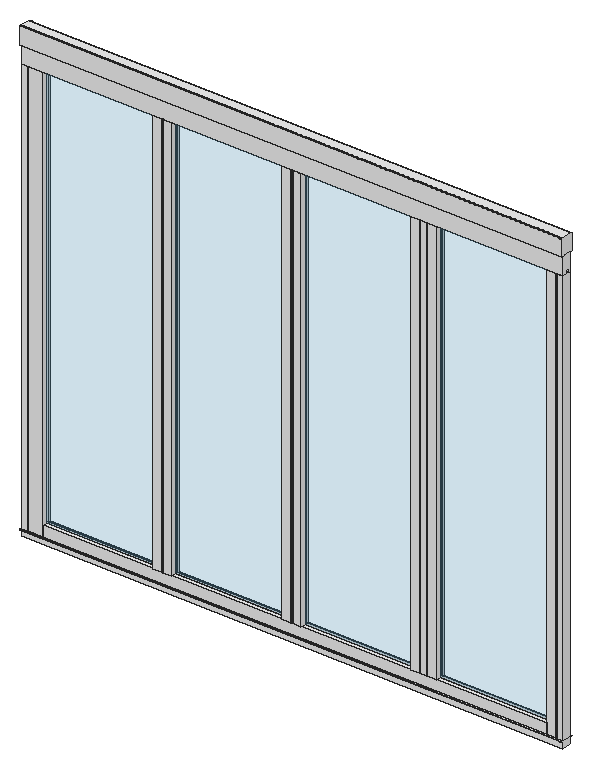
Revit family "98126", category Windows, host Wall, Revit 2018 (continued)
Definition of nested family "Sill_HSW60"
  Definition of nested family "Profile_Sill_HSW60"
    Lines and regions (in)
      model lines, in view "Ref. Level"
        curve 1024: line (0.3387, 2.60433, 0) -> (0.12438, 2.68375, 0)
        curve 1025: line (0.41656, 2.22398, 0) -> (0.58291, 2.05764, 0)
        curve 1026: line (0.56914, 2.02441, 0) -> (0.54968, 2.02441, 0)
        curve 1027: line (0.64236, 2.73685, 0) -> (1.05114, 2.73685, 0)
        curve 1028: line (0.41656, 2.41761, 0) -> (0.41656, 2.33586, 0)
        curve 1029: line (0.41656, 2.33586, 0) -> (0.5645, 2.33586, 0)
        curve 1030: line (0.42824, 2.42929, 0) -> (0.45549, 2.42929, 0)
        curve 1031: line (0.45549, 2.42929, 0) -> (0.45549, 2.39036, 0)
        curve 1032: line (0.45549, 2.39036, 0) -> (0.54503, 2.39036, 0)
        curve 1033: line (0.54503, 2.39036, 0) -> (0.54503, 2.74463, 0)
        curve 1034: line (0.54503, 2.74463, 0) -> (0.45549, 2.74463, 0)
        curve 1035: line (0.45549, 2.74463, 0) -> (0.45549, 2.7057, 0)
        curve 1036: line (0.45549, 2.7057, 0) -> (0.45549, 2.68624, 0)
        curve 1037: line (0.45549, 2.68624, 0) -> (0.39451, 2.49923, 0)
        curve 1038: line (0.60343, 2.37479, 0) -> (0.60343, 2.69792, 0)
        curve 1039: line (1.03556, 1.82197, 0) -> (1.03556, 1.93098, 0)
        curve 1040: line (1.03556, 1.93098, 0) -> (1.07866, 1.97408, 0)
        curve 1041: line (1.09007, 2.69792, 0) -> (1.09007, 2.10227, 0)
        curve 1042: line (1.09007, 2.10227, 0) -> (1.03556, 2.04777, 0)
        curve 1043: line (1.03556, 2.04777, 0) -> (1.03556, 2.00806, 0)
        curve 1044: line (1.03556, 2.00806, 0) -> (0.98106, 1.95355, 0)
        curve 1045: line (0.98106, 1.95355, 0) -> (0.98106, 1.84533, 0)
        curve 1046: line (0.92072, 1.74411, 0) -> (0.9577, 1.74411, 0)
        curve 1047: line (0.94213, 1.8064, 0) -> (0.92072, 1.8064, 0)
        curve 1048: line (1.09007, 2.00161, 0) -> (1.09007, 2.02441, 0)
        curve 1049: line (1.13678, 2.02441, 0) -> (1.15625, 2.02441, 0)
        curve 1050: line (0.10901, 2.877, 0) -> (0.10901, 2.21887, 0)
        curve 1051: line (0.10901, 2.21887, 0) -> (-0.82534, 2.21887, 0)
        curve 1052: line (-0.82534, 2.21887, 0) -> (-0.82534, 2.77316, 0)
        curve 1053: line (-0.5937, 0.0584, 0) -> (-0.52557, 0.0584, 0)
        curve 1054: line (-0.52557, 0.0584, 0) -> (-0.5061, 0.07786, 0)
        curve 1055: line (-0.5061, 0.07786, 0) -> (-0.42824, 0.07786, 0)
        curve 1056: line (-0.42824, 0.07786, 0) -> (-0.40878, 0.0584, 0)
        curve 1057: line (-0.40878, 0.0584, 0) -> (-0.36984, 0.0584, 0)
        curve 1058: line (-0.36984, 0.0584, 0) -> (-0.35038, 0.07786, 0)
        curve 1059: line (-0.35038, 0.07786, 0) -> (-0.27252, 0.07786, 0)
        curve 1060: line (-0.27252, 0.07786, 0) -> (-0.25305, 0.0584, 0)
        curve 1061: line (-0.25305, 0.0584, 0) -> (-0.21412, 0.0584, 0)
        curve 1062: line (-0.21412, 0.0584, 0) -> (-0.19465, 0.07786, 0)
        curve 1063: line (-0.19465, 0.07786, 0) -> (-0.11679, 0.07786, 0)
        curve 1064: line (-0.11679, 0.07786, 0) -> (-0.09733, 0.0584, 0)
        curve 1065: line (-0.09733, 0.0584, 0) -> (-0.0584, 0.0584, 0)
        curve 1066: line (-0.0584, 0.0584, 0) -> (-0.03893, 0.07786, 0)
        curve 1067: line (-0.03893, 0.07786, 0) -> (0.03893, 0.07786, 0)
        curve 1068: line (0.03893, 0.07786, 0) -> (0.0584, 0.0584, 0)
        curve 1069: line (0.0584, 0.0584, 0) -> (0.03893, 0.07786, 0)
        curve 1070: line (0.03893, 0.07786, 0) -> (-0.03893, 0.07786, 0)
        curve 1071: line (-0.03893, 0.07786, 0) -> (-0.0584, 0.0584, 0)
        curve 1072: line (-0.0584, 0.0584, 0) -> (-0.09733, 0.0584, 0)
        curve 1073: line (-0.09733, 0.0584, 0) -> (-0.11679, 0.07786, 0)
        curve 1074: line (-0.11679, 0.07786, 0) -> (-0.19465, 0.07786, 0)
        curve 1075: line (-0.19465, 0.07786, 0) -> (-0.21412, 0.0584, 0)
        curve 1076: line (-0.21412, 0.0584, 0) -> (-0.25305, 0.0584, 0)
        curve 1077: line (-0.25305, 0.0584, 0) -> (-0.27252, 0.07786, 0)
        curve 1078: line (-0.27252, 0.07786, 0) -> (-0.35038, 0.07786, 0)
        curve 1079: line (-0.35038, 0.07786, 0) -> (-0.36984, 0.0584, 0)
        curve 1080: line (-0.36984, 0.0584, 0) -> (-0.40878, 0.0584, 0)
        curve 1081: line (-0.40878, 0.0584, 0) -> (-0.42824, 0.07786, 0)
        curve 1082: line (-0.42824, 0.07786, 0) -> (-0.5061, 0.07786, 0)
        curve 1083: line (-0.5061, 0.07786, 0) -> (-0.52557, 0.0584, 0)
        curve 1084: line (-0.52557, 0.0584, 0) -> (-0.60343, 0.0584, 0)
        curve 1085: line (0.60343, -0.21412, 0) -> (0.58396, -0.21412, 0)
        curve 1086: line (0.6229, 0.03893, 0) -> (0.6229, -0.0584, 0)
        curve 1087: line (0.6229, -0.0584, 0) -> (0.56616, -0.18679, 0)
        curve 1088: line (-0.6229, 0.03893, 0) -> (-0.6229, -0.0584, 0)
        curve 1089: line (-0.6229, -0.0584, 0) -> (-0.56616, -0.18679, 0)
        curve 1090: line (-0.60343, -0.21412, 0) -> (-0.58396, -0.21412, 0)
        curve 1091: line (-0.6229, -0.23359, 0) -> (-0.6229, -0.36984, 0)
        curve 1092: line (-0.60343, -0.38931, 0) -> (-0.47523, -0.38931, 0)
        curve 1093: line (-0.39501, -0.31715, 0) -> (-0.46147, -0.38361, 0)
        curve 1094: line (0.38125, -0.31145, 0) -> (-0.38125, -0.31145, 0)
        curve 1095: line (0.46147, -0.38361, 0) -> (0.39501, -0.31715, 0)
        curve 1096: line (0.6229, -0.36984, 0) -> (0.6229, -0.23359, 0)
        curve 1097: line (0.47523, -0.38931, 0) -> (0.60343, -0.38931, 0)
Definition of nested family "Header_HSW60"
  Parameters
    system length 1 = 12' - 0"
    Height = 10' - 0"
    Header = none
    Bottom = yes
    Assembly Code = ""
  Reference planes (in)
    plane 1 "Center (Front/Back)": y = 0
    plane 2: z = 0
    plane 3 "Center (Left/Right)": x = -7.30207
    plane 4 "Left": x = -79.30207
    plane 5 "Right": x = 64.69793
    plane 6 "Top": z = 120
  Forms (in)
    Sweep 1, solid, material <- "Header"
      path origin (-67.09578, -180, 120) x (-1, 0, 0) y (0, -1, 0)
        loop
          line (12.20629, -180) -> (-131.79371, -180)
      profile origin (-7.30207, 0, 120) x (0, 1, 0) y (0, 0, 1)
        loop
          line (1.57762, -4.53565) -> (1.57762, -0.13465) -> (1.51057, -0.13465) -> (1.51057, -0.26622) -> (1.28181, -0.26622) -> (1.28181, 0) -> (-1.28181, 0) -> (-1.28181, -0.26622) -> (-1.51057, -0.26622) -> (-1.51057, -0.13465) -> (-1.57762, -0.13465) -> (-1.57762, -4.53565) -> (1.57762, -4.53565)
    Sweep 2, solid, material <- "Header", visible <- "Bottom"
      path origin (-67.09578, -180, 120) x (-1, 0, 0) y (0, -1, 0)
        loop
          line (12.20629, -180) -> (-131.79371, -180)
      profile origin (-7.30207, 0, 120) x (0, 1, 0) y (0, 0, 1)
        loop
          line (1.17138, -9.26512) -> (1.17138, -4.53565) -> (-1.17138, -4.53565) -> (-1.17138, -9.24934) -> (-0.83614, -9.24934) -> (-0.83614, -8.47611) -> (0.11043, -8.47611) -> (0.11043, -9.26512) -> (1.17138, -9.26512)
  Lines and regions (in)
    Masking region 1
      outline origin (-7.30207, 0, 0) x (0, 1, 0) y (0, 0, 1)
        loop
          line (-1.17138, 110.75066) -> (-0.83614, 110.75066) -> (-0.83614, 111.52389) -> (0.11043, 111.52389) -> (0.11043, 110.73488) -> (1.17138, 110.73488) -> (1.17138, 115.46435) -> (1.57762, 115.46435) -> (1.57762, 119.86535) -> (1.51057, 119.86535) -> (1.51057, 119.73378) -> (1.28181, 119.73378) -> (1.28181, 120) -> (-1.28181, 120) -> (-1.28181, 119.73378) -> (-1.51057, 119.73378) -> (-1.51057, 119.86535) -> (-1.57762, 119.86535) -> (-1.57762, 115.46435) -> (-1.17138, 115.46435) -> (-1.17138, 110.75066)
  Dimensions and locks (in)
    equal spacing: plane 4 "Left", plane 3 "Center (Left/Right)", plane 5 "Right"
    "system length 1": plane 4 "Left" to plane 5 "Right"
    "Height": plane 6 "Top" to level
    aligned: nested 1 to plane 6 "Top"
    aligned and locked: nested 1 to plane 1 "Center (Front/Back)"
    aligned and locked: nested 1 to plane 6 "Top"
    aligned and locked: profile plane to Sweep 1 sketch curve
    aligned and locked: nested 2 to plane 1 "Center (Front/Back)"
    aligned and locked: nested 2 to plane 6 "Top"
  Automatic sketch dimensions
    plane 1 "Center (Front/Back)" to Sweep 1 sketch curve = 0' - 0"
    Sweep 1 sketch curve to plane 5 "Right" = 0' - 0"
    Sweep 1 sketch curve to plane 4 "Left" = 0' - 0"
    Sweep 1 sketch curve to plane 6 "Top" = 0' - 0.13465"  (x2)
    profile plane to Sweep 1 sketch curve = 0' - 1.57762"
    Sweep 1 sketch curve to Sweep 1 sketch curve = 0' - 0.06705"
    Sweep 1 sketch curve to Sweep 1 sketch curve = 0' - 0.22875"  (x2)
    Sweep 1 sketch curve to profile plane = 0' - 1.28181"
    Sweep 1 sketch curve to Sweep 1 sketch curve = 0' - 3.15524"
    Sweep 1 sketch curve to Sweep 1 sketch curve = 0' - 0.13157"  (x2)
    Sweep 1 sketch curve to Sweep 1 sketch curve = 0' - 4.26943"
    Masking region 1 sketch curve to plane 6 "Top" = 0' - 0"
    Masking region 1 sketch curve to plane 6 "Top" = 0' - 0.13465"  (x2)
    plane 1 "Center (Front/Back)" to Masking region 1 sketch curve = 0' - 1.57762"
    Masking region 1 sketch curve to Masking region 1 sketch curve = 0' - 0.06705"  (x2)
    Masking region 1 sketch curve to Masking region 1 sketch curve = 0' - 0.22875"  (x2)
    Masking region 1 sketch curve to Masking region 1 sketch curve = 0' - 0 13/32"
    plane 1 "Center (Front/Back)" to Masking region 1 sketch curve = 0' - 0.83614"
    Masking region 1 sketch curve to plane 1 "Center (Front/Back)" = 0' - 0.11043"
    Masking region 1 sketch curve to Masking region 1 sketch curve = 0' - 1.06095"
    Masking region 1 sketch curve to plane 1 "Center (Front/Back)" = 0' - 1.28181"
    Masking region 1 sketch curve to plane 6 "Top" = 0' - 0.26622"
    Masking region 1 sketch curve to Masking region 1 sketch curve = 0' - 0.13157"
    Masking region 1 sketch curve to Masking region 1 sketch curve = 0' - 4.26943"
    Masking region 1 sketch curve to Masking region 1 sketch curve = 0' - 0"
    Masking region 1 sketch curve to Masking region 1 sketch curve = 0' - 3.94046"
    Masking region 1 sketch curve to Masking region 1 sketch curve = 0' - 0.77323"
    Masking region 1 sketch curve to Masking region 1 sketch curve = 0' - 0.78901"
    Sweep 2 sketch curve to Sweep 2 sketch curve = 0' - 0.33524"
    Sweep 2 sketch curve to profile plane = 0' - 0.11043"
    Sweep 2 sketch curve to Sweep 2 sketch curve = 0' - 1.06095"
    Sweep 2 sketch curve to Sweep 2 sketch curve = 0' - 0.77323"
    Sweep 2 sketch curve to Sweep 2 sketch curve = 0' - 0.78901"
    Sweep 2 sketch curve to Sweep 2 sketch curve = 0' - 3.94046"
    profile plane to Sweep 2 sketch curve = 0' - 0.83614"
    Sweep 2 sketch curve to profile plane = 0' - 9.26512"
    plane 1 "Center (Front/Back)" to Sweep 2 sketch curve = 0' - 0"
    Sweep 2 sketch curve to plane 5 "Right" = 0' - 0"
    Sweep 2 sketch curve to plane 4 "Left" = 0' - 0"
  Nested families (in)
    nested 1: "Headbottom_HSW60" at (-79.30207, 0, 120) x (0, 1, 0) z (1, 0, 0), visible <- "Bottom", type "Headbottom_HSW60"
    nested 2: "Headtop_HSW60" at (-79.30207, 0, 120) x (0, 1, 0) z (1, 0, 0), type "Headtop_HSW60"
  Definition of nested family "Headbottom_HSW60"
    Parameters
      Assembly Code = ""
      95 CSI = ""
      04 CSI = ""
    Reference planes (in)
      plane 1 "Center (Front/Back)": y = 0
      plane 2: z = 0
      plane 3 "Center (Left/Right)": x = 0
    Lines and regions (in)
      model lines, in view "Ref. Level"
        curve 1: line (-0.5465, -5.16048, 0) -> (-0.40988, -5.20275, 0)
        curve 2: line (-0.40988, -5.20275, 0) -> (-0.27325, -5.16048, 0)
        curve 3: line (-0.40988, -4.88723, 0) -> (-0.27325, -4.9295, 0)
        curve 4: line (-0.27325, -5.16048, 0) -> (0, -5.20275, 0)
        curve 5: line (0.40988, -4.88723, 0) -> (0.5465, -4.9295, 0)
        curve 6: line (-0.5465, -4.9295, 0) -> (-0.40988, -4.88723, 0)
        curve 7: line (0.40988, -5.20275, 0) -> (0.5465, -5.16048, 0)
        curve 8: line (0.27325, -5.16048, 0) -> (0.40988, -5.20275, 0)
        curve 9: line (0.27325, -4.9295, 0) -> (0.40988, -4.88723, 0)
        curve 10: line (-0.27325, -4.9295, 0) -> (0, -4.88723, 0)
        curve 11: line (0, -4.88723, 0) -> (0.27325, -4.9295, 0)
        curve 12: line (0, -5.20275, 0) -> (0.27325, -5.16048, 0)
        curve 13: arc (-0.76782, -6.25415, 0) -> (-0.78226, -6.23533, 0) -> (-0.80489, -6.2282, 0) r 0.03944
        curve 14: arc (-0.55217, -6.55516, 0) -> (-0.55373, -6.54418, 0) -> (-0.55828, -6.53406, 0) r 0.03944
        curve 15: arc (0.80489, -6.2282, 0) -> (0.78226, -6.23533, 0) -> (0.76782, -6.25415, 0) r 0.03944
        curve 16: arc (0.55828, -6.53406, 0) -> (0.55373, -6.54418, 0) -> (0.55217, -6.55516, 0) r 0.03944
        curve 17: arc (-0.13093, -5.94226, 0) -> (-0.13815, -5.93504, 0) -> (-0.14801, -5.9324, 0) r 0.01972
        curve 18: arc (-0.08138, -6.06246, 0) -> (-0.07402, -6.05066, 0) -> (-0.07627, -6.03693, 0) r 0.01972
        curve 19: arc (-0.08138, -6.06246, 0) -> (-0.13389, -6.17651, 0) -> (-0.06902, -6.28401, 0) r 0.1341
        curve 20: arc (-0.06902, -6.33255, 0) -> (0, -6.34652, 0) -> (0.06902, -6.33255, 0) r 0.17748
        curve 21: arc (0.06902, -6.28401, 0) -> (0.13389, -6.17651, 0) -> (0.08138, -6.06246, 0) r 0.1341
        curve 22: arc (0.07627, -6.03693, 0) -> (0.07402, -6.05066, 0) -> (0.08138, -6.06246, 0) r 0.01972
        curve 23: arc (0.14801, -5.9324, 0) -> (0.13815, -5.93504, 0) -> (0.13093, -5.94226, 0) r 0.01972
        curve 24: arc (0.45357, -5.97184, 0) -> (0.44201, -5.94395, 0) -> (0.41412, -5.9324, 0) r 0.03944
        curve 25: arc (0.45357, -6.09016, 0) -> (0.50245, -6.14842, 0) -> (0.56832, -6.11039, 0) r 0.05916
        curve 26: arc (0.63919, -5.99156, 0) -> (0.61657, -5.99869, 0) -> (0.60213, -6.01751, 0) r 0.03944
        curve 27: arc (0.91852, -6.01128, 0) -> (0.90408, -5.99684, 0) -> (0.88436, -5.99156, 0) r 0.03944
        curve 28: arc (0.97694, -6.1584, 0) -> (0.98575, -6.14053, 0) -> (0.98186, -6.12099, 0) r 0.03098
        curve 29: arc (0.89079, -6.2282, 0) -> (0.90589, -6.2252, 0) -> (0.91868, -6.21665, 0) r 0.03944
        curve 30: arc (0.73044, -6.31828, 0) -> (0.74415, -6.3091, 0) -> (0.75291, -6.29512, 0) r 0.03944
        curve 31: arc (0.73044, -6.31828, 0) -> (0.68806, -6.34344, 0) -> (0.65551, -6.38047, 0) r 0.15776
        curve 32: arc (0.51273, -6.85925, 0) -> (0.54061, -6.8477, 0) -> (0.55217, -6.81981, 0) r 0.03944
        curve 33: arc (-0.55217, -6.81981, 0) -> (-0.54061, -6.8477, 0) -> (-0.51273, -6.85925, 0) r 0.03944
        curve 34: arc (-0.65551, -6.38047, 0) -> (-0.68806, -6.34344, 0) -> (-0.73044, -6.31828, 0) r 0.15776
        curve 35: arc (-0.75291, -6.29512, 0) -> (-0.74415, -6.3091, 0) -> (-0.73044, -6.31828, 0) r 0.03944
        curve 36: arc (-0.91868, -6.21665, 0) -> (-0.90589, -6.2252, 0) -> (-0.89079, -6.2282, 0) r 0.03944
        curve 37: arc (-0.98186, -6.12099, 0) -> (-0.98575, -6.14053, 0) -> (-0.97694, -6.1584, 0) r 0.03098
        curve 38: arc (-0.88436, -5.99156, 0) -> (-0.90408, -5.99684, 0) -> (-0.91852, -6.01128, 0) r 0.03944
        curve 39: arc (-0.60213, -6.01751, 0) -> (-0.61657, -5.99869, 0) -> (-0.63919, -5.99156, 0) r 0.03944
        curve 40: arc (-0.56832, -6.11039, 0) -> (-0.50245, -6.14842, 0) -> (-0.45357, -6.09016, 0) r 0.05916
        curve 41: arc (-0.41412, -5.9324, 0) -> (-0.44201, -5.94395, 0) -> (-0.45357, -5.97184, 0) r 0.03944
        curve 42: arc (0.35749, -8.35799, 0) -> (0.34763, -8.36063, 0) -> (0.34041, -8.36785, 0) r 0.01972
        curve 43: arc (-0.34041, -8.36785, 0) -> (-0.34763, -8.36063, 0) -> (-0.35749, -8.35799, 0) r 0.01972
        curve 44: arc (-0.2442, -8.38461, 0) -> (-0.24161, -8.38853, 0) -> (-0.23858, -8.39212, 0) r 0.03944
        curve 45: arc (-0.23641, -8.39422, 0) -> (-0.23387, -8.39632, 0) -> (-0.23117, -8.3982, 0) r 0.03944
        curve 46: arc (-0.22833, -8.39984, 0) -> (-0.22535, -8.40124, 0) -> (-0.22226, -8.40239, 0) r 0.03944
        curve 47: arc (-0.21937, -8.40321, 0) -> (-0.21474, -8.40405, 0) -> (-0.21005, -8.40433, 0) r 0.03944
        curve 48: arc (0.21005, -8.40433, 0) -> (0.21474, -8.40405, 0) -> (0.21937, -8.40321, 0) r 0.03944
        curve 49: arc (0.22227, -8.40239, 0) -> (0.22535, -8.40124, 0) -> (0.22833, -8.39983, 0) r 0.03944
        curve 50: arc (0.23117, -8.3982, 0) -> (0.23388, -8.39632, 0) -> (0.23642, -8.39422, 0) r 0.03944
        curve 51: arc (0.23857, -8.39212, 0) -> (0.24161, -8.38853, 0) -> (0.2442, -8.38461, 0) r 0.03944
        curve 52: arc (-0.47329, -8.39447, 0) -> (-0.47098, -8.40005, 0) -> (-0.4654, -8.40236, 0) r 0.00789
        curve 53: arc (-0.4654, -8.23473, 0) -> (-0.47098, -8.23705, 0) -> (-0.47329, -8.24262, 0) r 0.00789
        curve 54: arc (-0.31857, -8.28022, 0) -> (-0.32319, -8.27939, 0) -> (-0.32789, -8.27911, 0) r 0.03944
        curve 55: arc (-0.3096, -8.2836, 0) -> (-0.31258, -8.2822, 0) -> (-0.31567, -8.28105, 0) r 0.03944
        curve 56: arc (-0.30152, -8.28922, 0) -> (-0.30406, -8.28712, 0) -> (-0.30676, -8.28524, 0) r 0.03944
        curve 57: arc (-0.29373, -8.29883, 0) -> (-0.29632, -8.2949, 0) -> (-0.29936, -8.29131, 0) r 0.03944
        curve 58: arc (0.29936, -8.29131, 0) -> (0.29632, -8.2949, 0) -> (0.29373, -8.29883, 0) r 0.03944
        curve 59: arc (0.30677, -8.28524, 0) -> (0.30406, -8.28712, 0) -> (0.30152, -8.28921, 0) r 0.03944
        curve 60: arc (0.31567, -8.28104, 0) -> (0.31258, -8.2822, 0) -> (0.3096, -8.2836, 0) r 0.03944
        curve 61: arc (0.32789, -8.27911, 0) -> (0.32319, -8.27939, 0) -> (0.31856, -8.28022, 0) r 0.03944
        curve 62: arc (0.47329, -8.24262, 0) -> (0.47098, -8.23705, 0) -> (0.4654, -8.23473, 0) r 0.00789
        curve 63: arc (0.4654, -8.40236, 0) -> (0.47098, -8.40005, 0) -> (0.47329, -8.39447, 0) r 0.00789
        curve 64: arc (-0.28178, -8.46941, 0) -> (-0.27456, -8.47662, 0) -> (-0.2647, -8.47927, 0) r 0.01972
        curve 65: arc (0.2647, -8.47927, 0) -> (0.27456, -8.47662, 0) -> (0.28178, -8.46941, 0) r 0.01972
        curve 66: arc (-0.2647, -7.40846, 0) -> (-0.27456, -7.4111, 0) -> (-0.28178, -7.41832, 0) r 0.01972
        curve 67: arc (-0.4654, -7.48537, 0) -> (-0.47098, -7.48768, 0) -> (-0.47329, -7.49325, 0) r 0.00789
        curve 68: arc (-0.47329, -7.6451, 0) -> (-0.47098, -7.65068, 0) -> (-0.4654, -7.65299, 0) r 0.00789
        curve 69: arc (-0.29936, -7.59641, 0) -> (-0.29632, -7.59282, 0) -> (-0.29373, -7.5889, 0) r 0.03944
        curve 70: arc (-0.30676, -7.60248, 0) -> (-0.30406, -7.6006, 0) -> (-0.30152, -7.59851, 0) r 0.03944
        curve 71: arc (-0.31567, -7.60668, 0) -> (-0.31258, -7.60553, 0) -> (-0.3096, -7.60412, 0) r 0.03944
        curve 72: arc (-0.32789, -7.60862, 0) -> (-0.32319, -7.60834, 0) -> (-0.31857, -7.6075, 0) r 0.03944
        curve 73: arc (0.31856, -7.6075, 0) -> (0.32319, -7.60834, 0) -> (0.32789, -7.60862, 0) r 0.03944
        curve 74: arc (0.3096, -7.60412, 0) -> (0.31258, -7.60553, 0) -> (0.31567, -7.60668, 0) r 0.03944
        curve 75: arc (0.30152, -7.59851, 0) -> (0.30406, -7.60061, 0) -> (0.30677, -7.60249, 0) r 0.03944
        curve 76: arc (0.29373, -7.5889, 0) -> (0.29632, -7.59282, 0) -> (0.29936, -7.59641, 0) r 0.03944
        curve 77: arc (0.4654, -7.65299, 0) -> (0.47098, -7.65068, 0) -> (0.47329, -7.6451, 0) r 0.00789
        curve 78: arc (0.47329, -7.49325, 0) -> (0.47098, -7.48768, 0) -> (0.4654, -7.48537, 0) r 0.00789
        curve 79: arc (0.28178, -7.41832, 0) -> (0.27456, -7.4111, 0) -> (0.2647, -7.40846, 0) r 0.01972
        curve 80: arc (0.34041, -7.51988, 0) -> (0.34763, -7.52709, 0) -> (0.35749, -7.52974, 0) r 0.01972
        curve 81: arc (-0.35749, -7.52974, 0) -> (-0.34763, -7.52709, 0) -> (-0.34041, -7.51988, 0) r 0.01972
        curve 82: arc (-0.21005, -7.48339, 0) -> (-0.21474, -7.48367, 0) -> (-0.21937, -7.48451, 0) r 0.03944
        curve 83: arc (-0.22226, -7.48533, 0) -> (-0.22535, -7.48648, 0) -> (-0.22833, -7.48789, 0) r 0.03944
        curve 84: arc (-0.23117, -7.48953, 0) -> (-0.23387, -7.4914, 0) -> (-0.23641, -7.4935, 0) r 0.03944
        curve 85: arc (-0.23858, -7.4956, 0) -> (-0.24161, -7.49919, 0) -> (-0.2442, -7.50311, 0) r 0.03944
        curve 86: arc (0.2442, -7.50311, 0) -> (0.24161, -7.49919, 0) -> (0.23857, -7.4956, 0) r 0.03944
        curve 87: arc (0.23642, -7.49351, 0) -> (0.23388, -7.49141, 0) -> (0.23117, -7.48953, 0) r 0.03944
        curve 88: arc (0.22833, -7.48789, 0) -> (0.22535, -7.48649, 0) -> (0.22227, -7.48534, 0) r 0.03944
        curve 89: arc (0.21937, -7.48451, 0) -> (0.21474, -7.48367, 0) -> (0.21005, -7.48339, 0) r 0.03944
        curve 90: arc (1.07278, -5.22247, 0) -> (1.067, -5.20853, 0) -> (1.05306, -5.20275, 0) r 0.01972
        curve 91: arc (0.6133, -5.99156, 0) -> (0.60199, -5.99513, 0) -> (0.59477, -6.00453, 0) r 0.01972
        curve 92: arc (0.91282, -6.00142, 0) -> (0.90561, -5.9942, 0) -> (0.89575, -5.99156, 0) r 0.01972
        curve 93: arc (1.03334, -5.79436, 0) -> (1.06123, -5.7828, 0) -> (1.07278, -5.75492, 0) r 0.03944
        curve 94: arc (0.93474, -7.08406, 0) -> (0.99052, -7.06096, 0) -> (1.01362, -7.00518, 0) r 0.07888
        curve 95: arc (1.01362, -6.19714, 0) -> (1.01093, -6.17672, 0) -> (1.00305, -6.1577, 0) r 0.07888
        curve 96: arc (1.03334, -4.92667, 0) -> (1.0194, -4.93244, 0) -> (1.01362, -4.94639, 0) r 0.01972
        curve 97: arc (1.10433, -8.35404, 0) -> (1.07648, -8.253, 0) -> (1.0008, -8.1805, 0) r 0.1972
        curve 98: arc (0.93868, -8.1805, 0) -> (0.91079, -8.19206, 0) -> (0.89924, -8.21994, 0) r 0.03944
        curve 99: arc (0.9495, -8.29324, 0) -> (0.9468, -8.27547, 0) -> (0.93079, -8.26727, 0) r 0.01972
        curve 100: arc (0.84008, -8.47631, 0) -> (0.87927, -8.46366, 0) -> (0.90368, -8.43049, 0) r 0.06705
        curve 101: arc (0.33239, -8.45148, 0) -> (0.33579, -8.46859, 0) -> (0.35144, -8.47631, 0) r 0.01972
        curve 102: arc (0.3668, -8.36144, 0) -> (0.35983, -8.36098, 0) -> (0.35523, -8.36623, 0) r 0.00789
        curve 103: arc (0.46145, -8.41609, 0) -> (0.46934, -8.41609, 0) -> (0.47329, -8.40926, 0) r 0.00789
        curve 104: arc (0.47329, -8.22783, 0) -> (0.46934, -8.221, 0) -> (0.46145, -8.221, 0) r 0.00789
        curve 105: arc (0.35496, -8.26882, 0) -> (0.35891, -8.27565, 0) -> (0.3668, -8.27565, 0) r 0.00789
        curve 106: arc (1.10433, -8.45659, 0) -> (1.11011, -8.47053, 0) -> (1.12405, -8.47631, 0) r 0.01972
        curve 107: arc (0.37468, -8.18001, 0) -> (0.36025, -8.19445, 0) -> (0.35496, -8.21417, 0) r 0.03944
        curve 108: arc (0.35496, -7.67355, 0) -> (0.36025, -7.69327, 0) -> (0.37468, -7.70771, 0) r 0.03944
        curve 109: arc (0.35144, -7.41142, 0) -> (0.33579, -7.41913, 0) -> (0.33239, -7.43624, 0) r 0.01972
        curve 110: arc (0.65866, -7.41142, 0) -> (0.74232, -7.37676, 0) -> (0.77698, -7.29309, 0) r 0.11832
        curve 111: arc (0.7967, -7.08406, 0) -> (0.78275, -7.08984, 0) -> (0.77698, -7.10378, 0) r 0.01972
        curve 112: arc (0.48117, -6.09297, 0) -> (0.51377, -6.13181, 0) -> (0.55768, -6.10646, 0) r 0.03944
        curve 113: arc (0.50089, -5.79436, 0) -> (0.48695, -5.80013, 0) -> (0.48117, -5.81408, 0) r 0.01972
        curve 114: arc (0.87558, -5.28163, 0) -> (0.88952, -5.27585, 0) -> (0.8953, -5.26191, 0) r 0.01972
        curve 115: arc (0.82431, -5.26191, 0) -> (0.83008, -5.27585, 0) -> (0.84403, -5.28163, 0) r 0.01972
        curve 116: arc (0.6981, -5.18303, 0) -> (0.70387, -5.19697, 0) -> (0.71782, -5.20275, 0) r 0.01972
        curve 117: arc (0.71782, -4.92667, 0) -> (0.70387, -4.93244, 0) -> (0.6981, -4.94639, 0) r 0.01972
        curve 118: arc (0.83614, -4.94639, 0) -> (0.83036, -4.93244, 0) -> (0.81642, -4.92667, 0) r 0.01972
        curve 119: arc (0.80064, -5.05682, 0) -> (0.81459, -5.05104, 0) -> (0.82036, -5.0371, 0) r 0.01972
        curve 120: arc (1.0294, -5.0371, 0) -> (1.03517, -5.05104, 0) -> (1.04912, -5.05682, 0) r 0.01972
        curve 121: arc (0.66072, -7.47846, 0) -> (0.78165, -7.43359, 0) -> (0.84403, -7.3207, 0) r 0.18537
        curve 122: arc (0.94657, -8.11346, 0) -> (0.87127, -8.14465, 0) -> (0.84008, -8.21994, 0) r 0.10649
        curve 123: arc (-0.84196, -7.3207, 0) -> (-0.77958, -7.43359, 0) -> (-0.65866, -7.47846, 0) r 0.18537
        curve 124: arc (-1.04912, -5.05682, 0) -> (-1.03517, -5.05104, 0) -> (-1.0294, -5.0371, 0) r 0.01972
        curve 125: arc (-1.01362, -4.94639, 0) -> (-1.0194, -4.93244, 0) -> (-1.03334, -4.92667, 0) r 0.01972
        curve 126: arc (-0.35144, -8.47631, 0) -> (-0.33579, -8.46859, 0) -> (-0.33239, -8.45148, 0) r 0.01972
        curve 127: arc (-0.35496, -8.21417, 0) -> (-0.3553, -8.20902, 0) -> (-0.35631, -8.20396, 0) r 0.03944
        curve 128: arc (-0.35631, -8.20396, 0) -> (-0.35797, -8.19908, 0) -> (-0.36025, -8.19445, 0) r 0.03944
        curve 129: arc (-0.36025, -8.19445, 0) -> (-0.36311, -8.19016, 0) -> (-0.36652, -8.18628, 0) r 0.03944
        curve 130: arc (-0.36652, -8.18628, 0) -> (-0.37039, -8.18288, 0) -> (-0.37468, -8.18001, 0) r 0.03944
        curve 131: arc (-0.37468, -7.70771, 0) -> (-0.37039, -7.70484, 0) -> (-0.36652, -7.70144, 0) r 0.03944
        curve 132: arc (-0.36652, -7.70144, 0) -> (-0.36311, -7.69756, 0) -> (-0.36025, -7.69327, 0) r 0.03944
        curve 133: arc (-0.36025, -7.69327, 0) -> (-0.35797, -7.68865, 0) -> (-0.35631, -7.68376, 0) r 0.03944
        curve 134: arc (-0.35631, -7.68376, 0) -> (-0.3553, -7.6787, 0) -> (-0.35496, -7.67355, 0) r 0.03944
        curve 135: arc (-0.33239, -7.43624, 0) -> (-0.33579, -7.41913, 0) -> (-0.35144, -7.41142, 0) r 0.01972
        curve 136: arc (-0.77698, -7.29309, 0) -> (-0.74232, -7.37676, 0) -> (-0.65866, -7.41142, 0) r 0.11832
        curve 137: arc (-0.77698, -7.10378, 0) -> (-0.78275, -7.08984, 0) -> (-0.7967, -7.08406, 0) r 0.01972
        curve 138: arc (-0.55768, -6.10646, 0) -> (-0.51377, -6.13181, 0) -> (-0.48117, -6.09297, 0) r 0.03944
        curve 139: arc (-0.48117, -5.81408, 0) -> (-0.48695, -5.80013, 0) -> (-0.50089, -5.79436, 0) r 0.01972
        curve 140: arc (-0.8953, -5.26191, 0) -> (-0.88952, -5.27585, 0) -> (-0.87558, -5.28163, 0) r 0.01972
        curve 141: arc (-0.84403, -5.28163, 0) -> (-0.83008, -5.27585, 0) -> (-0.82431, -5.26191, 0) r 0.01972
        curve 142: arc (-0.71782, -5.20275, 0) -> (-0.70387, -5.19697, 0) -> (-0.6981, -5.18303, 0) r 0.01972
        curve 143: arc (-0.6981, -4.94639, 0) -> (-0.70387, -4.93244, 0) -> (-0.71782, -4.92667, 0) r 0.01972
        curve 144: arc (-0.81642, -4.92667, 0) -> (-0.83036, -4.93244, 0) -> (-0.83614, -4.94639, 0) r 0.01972
        curve 145: arc (-0.82036, -5.0371, 0) -> (-0.81459, -5.05104, 0) -> (-0.80064, -5.05682, 0) r 0.01972
        curve 146: arc (-1.05306, -5.20275, 0) -> (-1.067, -5.20853, 0) -> (-1.07278, -5.22247, 0) r 0.01972
        curve 147: arc (-0.89575, -5.99156, 0) -> (-0.90561, -5.9942, 0) -> (-0.91282, -6.00142, 0) r 0.01972
        curve 148: arc (-0.59477, -6.00453, 0) -> (-0.60199, -5.99513, 0) -> (-0.6133, -5.99156, 0) r 0.01972
        curve 149: arc (-1.07278, -5.75492, 0) -> (-1.06123, -5.7828, 0) -> (-1.03334, -5.79436, 0) r 0.03944
        curve 150: arc (-1.01362, -7.00518, 0) -> (-0.99052, -7.06096, 0) -> (-0.93474, -7.08406, 0) r 0.07888
        curve 151: arc (-1.00305, -6.1577, 0) -> (-1.01093, -6.17672, 0) -> (-1.01362, -6.19714, 0) r 0.07888
        curve 152: arc (-1.00573, -8.87071, 0) -> (-0.99737, -8.86725, 0) -> (-0.9939, -8.85888, 0) r 0.01183
        curve 153: arc (-0.9939, -9.16257, 0) -> (-0.99737, -9.15421, 0) -> (-1.00573, -9.15074, 0) r 0.01183
        curve 154: arc (-0.87361, -8.46732, 0) -> (-0.85744, -8.47402, 0) -> (-0.84008, -8.47631, 0) r 0.06705
        curve 155: arc (-0.9939, -8.8155, 0) -> (-1.00545, -8.78761, 0) -> (-1.03334, -8.77606, 0) r 0.03944
        curve 156: arc (0.35749, -8.35799, 0) -> (0.34763, -8.36063, 0) -> (0.34041, -8.36785, 0) r 0.01972
        curve 157: arc (-0.34041, -8.36785, 0) -> (-0.34763, -8.36063, 0) -> (-0.35749, -8.35799, 0) r 0.01972
        curve 158: arc (-0.2442, -8.38461, 0) -> (-0.24161, -8.38853, 0) -> (-0.23858, -8.39212, 0) r 0.03944
        curve 159: arc (-0.23641, -8.39422, 0) -> (-0.23387, -8.39632, 0) -> (-0.23117, -8.3982, 0) r 0.03944
        curve 160: arc (-0.22833, -8.39984, 0) -> (-0.22535, -8.40124, 0) -> (-0.22226, -8.40239, 0) r 0.03944
        curve 161: arc (-0.21937, -8.40321, 0) -> (-0.21474, -8.40405, 0) -> (-0.21005, -8.40433, 0) r 0.03944
        curve 162: arc (0.21005, -8.40433, 0) -> (0.21474, -8.40405, 0) -> (0.21937, -8.40321, 0) r 0.03944
        curve 163: arc (0.22227, -8.40239, 0) -> (0.22535, -8.40124, 0) -> (0.22833, -8.39983, 0) r 0.03944
        curve 164: arc (0.23117, -8.3982, 0) -> (0.23388, -8.39632, 0) -> (0.23642, -8.39422, 0) r 0.03944
        curve 165: arc (0.23857, -8.39212, 0) -> (0.24161, -8.38853, 0) -> (0.2442, -8.38461, 0) r 0.03944
        curve 166: arc (-0.47329, -8.39447, 0) -> (-0.47098, -8.40005, 0) -> (-0.4654, -8.40236, 0) r 0.00789
        curve 167: arc (-0.4654, -8.23473, 0) -> (-0.47098, -8.23705, 0) -> (-0.47329, -8.24262, 0) r 0.00789
        curve 168: arc (-0.31857, -8.28022, 0) -> (-0.32319, -8.27939, 0) -> (-0.32789, -8.27911, 0) r 0.03944
        curve 169: arc (-0.3096, -8.2836, 0) -> (-0.31258, -8.2822, 0) -> (-0.31567, -8.28105, 0) r 0.03944
        curve 170: arc (-0.30152, -8.28922, 0) -> (-0.30406, -8.28712, 0) -> (-0.30676, -8.28524, 0) r 0.03944
        curve 171: arc (-0.29373, -8.29883, 0) -> (-0.29632, -8.2949, 0) -> (-0.29936, -8.29131, 0) r 0.03944
        curve 172: arc (0.29936, -8.29131, 0) -> (0.29632, -8.2949, 0) -> (0.29373, -8.29883, 0) r 0.03944
        curve 173: arc (0.30677, -8.28524, 0) -> (0.30406, -8.28712, 0) -> (0.30152, -8.28921, 0) r 0.03944
        curve 174: arc (0.31567, -8.28104, 0) -> (0.31258, -8.2822, 0) -> (0.3096, -8.2836, 0) r 0.03944
        curve 175: arc (0.32789, -8.27911, 0) -> (0.32319, -8.27939, 0) -> (0.31856, -8.28022, 0) r 0.03944
        curve 176: arc (0.47329, -8.24262, 0) -> (0.47098, -8.23705, 0) -> (0.4654, -8.23473, 0) r 0.00789
        curve 177: arc (0.4654, -8.40236, 0) -> (0.47098, -8.40005, 0) -> (0.47329, -8.39447, 0) r 0.00789
        curve 178: arc (-0.28178, -8.46941, 0) -> (-0.27456, -8.47662, 0) -> (-0.2647, -8.47927, 0) r 0.01972
        curve 179: arc (0.2647, -8.47927, 0) -> (0.27456, -8.47662, 0) -> (0.28178, -8.46941, 0) r 0.01972
        curve 180: arc (-0.2647, -7.40846, 0) -> (-0.27456, -7.4111, 0) -> (-0.28178, -7.41832, 0) r 0.01972
        curve 181: arc (-0.4654, -7.48537, 0) -> (-0.47098, -7.48768, 0) -> (-0.47329, -7.49325, 0) r 0.00789
        curve 182: arc (-0.47329, -7.6451, 0) -> (-0.47098, -7.65068, 0) -> (-0.4654, -7.65299, 0) r 0.00789
        curve 183: arc (-0.29936, -7.59641, 0) -> (-0.29632, -7.59282, 0) -> (-0.29373, -7.5889, 0) r 0.03944
        curve 184: arc (-0.30676, -7.60248, 0) -> (-0.30406, -7.6006, 0) -> (-0.30152, -7.59851, 0) r 0.03944
        curve 185: arc (-0.31567, -7.60668, 0) -> (-0.31258, -7.60553, 0) -> (-0.3096, -7.60412, 0) r 0.03944
        curve 186: arc (-0.32789, -7.60862, 0) -> (-0.32319, -7.60834, 0) -> (-0.31857, -7.6075, 0) r 0.03944
        curve 187: arc (0.31856, -7.6075, 0) -> (0.32319, -7.60834, 0) -> (0.32789, -7.60862, 0) r 0.03944
        curve 188: arc (0.3096, -7.60412, 0) -> (0.31258, -7.60553, 0) -> (0.31567, -7.60668, 0) r 0.03944
        curve 189: arc (0.30152, -7.59851, 0) -> (0.30406, -7.60061, 0) -> (0.30677, -7.60249, 0) r 0.03944
        curve 190: arc (0.29373, -7.5889, 0) -> (0.29632, -7.59282, 0) -> (0.29936, -7.59641, 0) r 0.03944
        curve 191: arc (0.4654, -7.65299, 0) -> (0.47098, -7.65068, 0) -> (0.47329, -7.6451, 0) r 0.00789
        curve 192: arc (0.47329, -7.49325, 0) -> (0.47098, -7.48768, 0) -> (0.4654, -7.48537, 0) r 0.00789
        curve 193: arc (0.28178, -7.41832, 0) -> (0.27456, -7.4111, 0) -> (0.2647, -7.40846, 0) r 0.01972
        curve 194: arc (0.34041, -7.51988, 0) -> (0.34763, -7.52709, 0) -> (0.35749, -7.52974, 0) r 0.01972
        curve 195: arc (-0.35749, -7.52974, 0) -> (-0.34763, -7.52709, 0) -> (-0.34041, -7.51988, 0) r 0.01972
        curve 196: arc (-0.21005, -7.48339, 0) -> (-0.21474, -7.48367, 0) -> (-0.21937, -7.48451, 0) r 0.03944
        curve 197: arc (-0.22226, -7.48533, 0) -> (-0.22535, -7.48648, 0) -> (-0.22833, -7.48789, 0) r 0.03944
        curve 198: arc (-0.23117, -7.48953, 0) -> (-0.23387, -7.4914, 0) -> (-0.23641, -7.4935, 0) r 0.03944
        curve 199: arc (-0.23858, -7.4956, 0) -> (-0.24161, -7.49919, 0) -> (-0.2442, -7.50311, 0) r 0.03944
        curve 200: arc (0.2442, -7.50311, 0) -> (0.24161, -7.49919, 0) -> (0.23857, -7.4956, 0) r 0.03944
        curve 201: arc (0.23642, -7.49351, 0) -> (0.23388, -7.49141, 0) -> (0.23117, -7.48953, 0) r 0.03944
        curve 202: arc (0.22833, -7.48789, 0) -> (0.22535, -7.48649, 0) -> (0.22227, -7.48534, 0) r 0.03944
        curve 203: arc (0.21937, -7.48451, 0) -> (0.21474, -7.48367, 0) -> (0.21005, -7.48339, 0) r 0.03944
        curve 204: arc (-0.8629, -9.11507, 0) -> (-0.89887, -9.10678, 0) -> (-0.93575, -9.10519, 0) r 0.20137
        curve 205: arc (-0.9873, -9.26335, 0) -> (-0.93899, -9.29632, 0) -> (-0.88386, -9.31587, 0) r 0.22718
        curve 206: arc (-0.95643, -9.08549, 0) -> (-0.95031, -9.09977, 0) -> (-0.93575, -9.10519, 0) r 0.01972
        curve 207: arc (-1.07551, -9.09901, 0) -> (-1.05079, -9.07081, 0) -> (-1.04187, -9.03439, 0) r 0.07888
        curve 208: arc (-0.95643, -8.87071, 0) -> (-0.96448, -8.84862, 0) -> (-0.98601, -8.83916, 0) r 0.02992
        curve 209: arc (-1.04187, -8.99495, 0) -> (-1.05079, -8.95853, 0) -> (-1.07551, -8.93033, 0) r 0.07888
        curve 210: arc (-1.08771, -8.89353, 0) -> (-1.09342, -8.9092, 0) -> (-1.08508, -8.92363, 0) r 0.01972
        curve 211: arc (-1.08508, -9.10571, 0) -> (-1.09342, -9.12014, 0) -> (-1.08771, -9.13581, 0) r 0.01972
        curve 212: arc (-0.9939, -9.24863, 0) -> (-0.99217, -9.25669, 0) -> (-0.9873, -9.26335, 0) r 0.01972
        curve 213: arc (-0.88386, -9.31587, 0) -> (-0.85079, -9.30799, 0) -> (-0.83614, -9.27731, 0) r 0.03944
        curve 214: arc (-0.83614, -9.15242, 0) -> (-0.84352, -9.12945, 0) -> (-0.8629, -9.11507, 0) r 0.03944
        curve 215: arc (0.126, -9.14428, 0) -> (0.11124, -9.17264, 0) -> (0.13821, -9.18982, 0) r 0.02366
        curve 216: arc (0.12675, -9.31756, 0) -> (0.11073, -9.34377, 0) -> (0.1341, -9.36372, 0) r 0.02366
        curve 217: arc (0.40249, -8.90226, 0) -> (0.37492, -8.92846, 0) -> (0.39967, -8.95734, 0) r 0.02761
        curve 218: arc (0.12999, -8.96573, 0) -> (0.11052, -8.9911, 0) -> (0.1341, -9.0127, 0) r 0.02366
        curve 219: arc (0.59053, -8.50997, 0) -> (0.59481, -8.48848, 0) -> (0.57659, -8.47631, 0) r 0.01972
        curve 220: arc (0.42201, -8.67849, 0) -> (0.37698, -8.68745, 0) -> (0.40249, -8.72562, 0) r 0.02761
        curve 221: arc (0.55687, -8.47631, 0) -> (0.54178, -8.47931, 0) -> (0.52898, -8.48786, 0) r 0.03944
        curve 222: arc (0.42201, -8.87466, 0) -> (0.42548, -8.88302, 0) -> (0.43385, -8.88649, 0) r 0.01183
        curve 223: arc (0.43385, -9.16652, 0) -> (0.42548, -9.16998, 0) -> (0.42201, -9.17835, 0) r 0.01183
        curve 224: arc (0.61133, -9.15863, 0) -> (0.62288, -9.18652, 0) -> (0.65077, -9.19807, 0) r 0.03944
        curve 225: arc (0.61133, -8.83127, 0) -> (0.59978, -8.80338, 0) -> (0.57189, -8.79183, 0) r 0.03944
        curve 226: arc (1.10433, -8.47631, 0) -> (1.128, -8.48814, 0) -> (1.15166, -8.47631, 0) r 0.02958
        curve 227: arc (0.9939, -8.29488, 0) -> (0.98235, -8.26699, 0) -> (0.95446, -8.25544, 0) r 0.03944
        curve 228: arc (0.93277, -8.19234, 0) -> (0.90121, -8.22389, 0) -> (0.93277, -8.25544, 0) r 0.03155
        curve 229: arc (1.04912, -8.27122, 0) -> (1.02601, -8.21544, 0) -> (0.97024, -8.19234, 0) r 0.07888
        curve 230: arc (1.10433, -8.4532, 0) -> (1.10133, -8.43811, 0) -> (1.09278, -8.42532, 0) r 0.03944
        curve 231: arc (1.06489, -9.19807, 0) -> (1.09278, -9.18652, 0) -> (1.10433, -9.15863, 0) r 0.03944
        curve 232: arc (0.35144, -7.41142, 0) -> (0.33579, -7.41913, 0) -> (0.33239, -7.43624, 0) r 0.01972
        curve 233: arc (0.65866, -7.41142, 0) -> (0.74232, -7.37676, 0) -> (0.77698, -7.29309, 0) r 0.11832
        curve 234: arc (0.7967, -7.08406, 0) -> (0.78275, -7.08984, 0) -> (0.77698, -7.10378, 0) r 0.01972
        curve 235: arc (0.93474, -7.08406, 0) -> (0.99052, -7.06096, 0) -> (1.01362, -7.00518, 0) r 0.07888
        curve 236: arc (1.01362, -6.19714, 0) -> (1.01093, -6.17672, 0) -> (1.00305, -6.1577, 0) r 0.07888
        curve 237: arc (0.91282, -6.00142, 0) -> (0.90561, -5.9942, 0) -> (0.89575, -5.99156, 0) r 0.01972
        curve 238: arc (0.6133, -5.99156, 0) -> (0.60199, -5.99513, 0) -> (0.59477, -6.00453, 0) r 0.01972
        curve 239: arc (0.48117, -6.09297, 0) -> (0.51377, -6.13181, 0) -> (0.55768, -6.10646, 0) r 0.03944
        curve 240: arc (0.50089, -5.79436, 0) -> (0.48695, -5.80013, 0) -> (0.48117, -5.81408, 0) r 0.01972
        curve 241: arc (1.03334, -5.79436, 0) -> (1.06123, -5.7828, 0) -> (1.07278, -5.75492, 0) r 0.03944
        curve 242: arc (1.07278, -5.22247, 0) -> (1.067, -5.20853, 0) -> (1.05306, -5.20275, 0) r 0.01972
        curve 243: arc (0.87558, -5.28163, 0) -> (0.88952, -5.27585, 0) -> (0.8953, -5.26191, 0) r 0.01972
        curve 244: arc (0.82431, -5.26191, 0) -> (0.83008, -5.27585, 0) -> (0.84403, -5.28163, 0) r 0.01972
        curve 245: arc (0.6981, -5.18303, 0) -> (0.70387, -5.19697, 0) -> (0.71782, -5.20275, 0) r 0.01972
        curve 246: arc (0.71782, -4.92667, 0) -> (0.70387, -4.93244, 0) -> (0.6981, -4.94639, 0) r 0.01972
        curve 247: arc (0.83614, -4.94639, 0) -> (0.83036, -4.93244, 0) -> (0.81642, -4.92667, 0) r 0.01972
        curve 248: arc (0.80064, -5.05682, 0) -> (0.81459, -5.05104, 0) -> (0.82036, -5.0371, 0) r 0.01972
        curve 249: arc (1.0294, -5.0371, 0) -> (1.03517, -5.05104, 0) -> (1.04912, -5.05682, 0) r 0.01972
        curve 250: arc (1.03334, -4.92667, 0) -> (1.0194, -4.93244, 0) -> (1.01362, -4.94639, 0) r 0.01972
        curve 251: arc (1.10433, -8.45659, 0) -> (1.11011, -8.47053, 0) -> (1.12405, -8.47631, 0) r 0.01972
        curve 252: arc (1.10433, -8.35404, 0) -> (1.07648, -8.253, 0) -> (1.0008, -8.1805, 0) r 0.1972
        curve 253: arc (0.93868, -8.1805, 0) -> (0.91079, -8.19206, 0) -> (0.89924, -8.21994, 0) r 0.03944
        curve 254: arc (0.9495, -8.29324, 0) -> (0.9468, -8.27547, 0) -> (0.93079, -8.26727, 0) r 0.01972
        curve 255: arc (0.84008, -8.47631, 0) -> (0.87927, -8.46366, 0) -> (0.90368, -8.43049, 0) r 0.06705
        curve 256: arc (0.33239, -8.45148, 0) -> (0.33579, -8.46859, 0) -> (0.35144, -8.47631, 0) r 0.01972
        curve 257: arc (0.3668, -8.36144, 0) -> (0.35983, -8.36098, 0) -> (0.35523, -8.36623, 0) r 0.00789
        curve 258: arc (0.46145, -8.41609, 0) -> (0.46934, -8.41609, 0) -> (0.47329, -8.40926, 0) r 0.00789
        curve 259: arc (0.47329, -8.22783, 0) -> (0.46934, -8.221, 0) -> (0.46145, -8.221, 0) r 0.00789
        curve 260: arc (0.35496, -8.26882, 0) -> (0.35891, -8.27565, 0) -> (0.3668, -8.27565, 0) r 0.00789
        curve 261: arc (0.37468, -8.18001, 0) -> (0.36025, -8.19445, 0) -> (0.35496, -8.21417, 0) r 0.03944
        curve 262: arc (0.35496, -7.67355, 0) -> (0.36025, -7.69327, 0) -> (0.37468, -7.70771, 0) r 0.03944
        curve 263: arc (0.4654, -7.65299, 0) -> (0.47098, -7.65068, 0) -> (0.47329, -7.6451, 0) r 0.00789
        curve 264: arc (0.47329, -7.49325, 0) -> (0.47098, -7.48768, 0) -> (0.4654, -7.48537, 0) r 0.00789
        curve 265: arc (-0.47329, -8.39447, 0) -> (-0.47098, -8.40005, 0) -> (-0.4654, -8.40236, 0) r 0.00789
        curve 266: arc (-0.35144, -8.47631, 0) -> (-0.33579, -8.46859, 0) -> (-0.33239, -8.45148, 0) r 0.01972
        curve 267: arc (-0.87361, -8.46732, 0) -> (-0.85744, -8.47402, 0) -> (-0.84008, -8.47631, 0) r 0.06705
        curve 268: arc (-0.9939, -8.8155, 0) -> (-1.00545, -8.78761, 0) -> (-1.03334, -8.77606, 0) r 0.03944
        curve 269: arc (-1.00573, -8.87071, 0) -> (-0.99737, -8.86725, 0) -> (-0.9939, -8.85888, 0) r 0.01183
        curve 270: arc (-0.9939, -9.16257, 0) -> (-0.99737, -9.15421, 0) -> (-1.00573, -9.15074, 0) r 0.01183
        curve 271: arc (-1.01362, -4.94639, 0) -> (-1.0194, -4.93244, 0) -> (-1.03334, -4.92667, 0) r 0.01972
        curve 272: arc (-1.04912, -5.05682, 0) -> (-1.03517, -5.05104, 0) -> (-1.0294, -5.0371, 0) r 0.01972
        curve 273: arc (-0.82036, -5.0371, 0) -> (-0.81459, -5.05104, 0) -> (-0.80064, -5.05682, 0) r 0.01972
        curve 274: arc (-0.81642, -4.92667, 0) -> (-0.83036, -4.93244, 0) -> (-0.83614, -4.94639, 0) r 0.01972
        curve 275: arc (-0.6981, -4.94639, 0) -> (-0.70387, -4.93244, 0) -> (-0.71782, -4.92667, 0) r 0.01972
        curve 276: arc (-0.71782, -5.20275, 0) -> (-0.70387, -5.19697, 0) -> (-0.6981, -5.18303, 0) r 0.01972
        curve 277: arc (-0.84403, -5.28163, 0) -> (-0.83008, -5.27585, 0) -> (-0.82431, -5.26191, 0) r 0.01972
        curve 278: arc (-0.8953, -5.26191, 0) -> (-0.88952, -5.27585, 0) -> (-0.87558, -5.28163, 0) r 0.01972
        curve 279: arc (-1.05306, -5.20275, 0) -> (-1.067, -5.20853, 0) -> (-1.07278, -5.22247, 0) r 0.01972
        curve 280: arc (-1.07278, -5.75492, 0) -> (-1.06123, -5.7828, 0) -> (-1.03334, -5.79436, 0) r 0.03944
        curve 281: arc (-0.48117, -5.81408, 0) -> (-0.48695, -5.80013, 0) -> (-0.50089, -5.79436, 0) r 0.01972
        curve 282: arc (-0.55768, -6.10646, 0) -> (-0.51377, -6.13181, 0) -> (-0.48117, -6.09297, 0) r 0.03944
        curve 283: arc (-0.59477, -6.00453, 0) -> (-0.60199, -5.99513, 0) -> (-0.6133, -5.99156, 0) r 0.01972
        curve 284: arc (-0.89575, -5.99156, 0) -> (-0.90561, -5.9942, 0) -> (-0.91282, -6.00142, 0) r 0.01972
        curve 285: arc (-1.00305, -6.1577, 0) -> (-1.01093, -6.17672, 0) -> (-1.01362, -6.19714, 0) r 0.07888
        curve 286: arc (-1.01362, -7.00518, 0) -> (-0.99052, -7.06096, 0) -> (-0.93474, -7.08406, 0) r 0.07888
        curve 287: arc (-0.77698, -7.10378, 0) -> (-0.78275, -7.08984, 0) -> (-0.7967, -7.08406, 0) r 0.01972
        curve 288: arc (-0.77698, -7.29309, 0) -> (-0.74232, -7.37676, 0) -> (-0.65866, -7.41142, 0) r 0.11832
        curve 289: arc (-0.33239, -7.43624, 0) -> (-0.33579, -7.41913, 0) -> (-0.35144, -7.41142, 0) r 0.01972
        curve 290: arc (-0.4654, -7.48537, 0) -> (-0.47098, -7.48768, 0) -> (-0.47329, -7.49325, 0) r 0.00789
        curve 291: arc (-0.4654, -8.23473, 0) -> (-0.47098, -8.23705, 0) -> (-0.47329, -8.24262, 0) r 0.00789
        curve 292: arc (-0.35496, -8.21417, 0) -> (-0.3553, -8.20902, 0) -> (-0.35631, -8.20396, 0) r 0.03944
        curve 293: arc (-0.35631, -8.20396, 0) -> (-0.35797, -8.19908, 0) -> (-0.36025, -8.19445, 0) r 0.03944
        curve 294: arc (-0.36025, -8.19445, 0) -> (-0.36311, -8.19016, 0) -> (-0.36652, -8.18628, 0) r 0.03944
        curve 295: arc (-0.36652, -8.18628, 0) -> (-0.37039, -8.18288, 0) -> (-0.37468, -8.18001, 0) r 0.03944
        curve 296: arc (-0.37468, -7.70771, 0) -> (-0.37039, -7.70484, 0) -> (-0.36652, -7.70144, 0) r 0.03944
        curve 297: arc (-0.36652, -7.70144, 0) -> (-0.36311, -7.69756, 0) -> (-0.36025, -7.69327, 0) r 0.03944
        curve 298: arc (-0.36025, -7.69327, 0) -> (-0.35797, -7.68865, 0) -> (-0.35631, -7.68376, 0) r 0.03944
        curve 299: arc (-0.35631, -7.68376, 0) -> (-0.3553, -7.6787, 0) -> (-0.35496, -7.67355, 0) r 0.03944
        curve 300: arc (-0.47329, -7.6451, 0) -> (-0.47098, -7.65068, 0) -> (-0.4654, -7.65299, 0) r 0.00789
        curve 301: arc (-0.84196, -7.3207, 0) -> (-0.77958, -7.43359, 0) -> (-0.65866, -7.47846, 0) r 0.18537
        curve 302: arc (0.66072, -7.47846, 0) -> (0.78165, -7.43359, 0) -> (0.84403, -7.3207, 0) r 0.18537
        curve 303: arc (0.94657, -8.11346, 0) -> (0.87127, -8.14465, 0) -> (0.84008, -8.21994, 0) r 0.10649
        curve 304: line (-0.26721, -5.9324, 0) -> (-0.26721, -5.79436, 0)
        curve 305: line (-0.26721, -5.79436, 0) -> (-0.26721, -5.9324, 0)
        curve 306: line (-0.26721, -6.89869, 0) -> (-0.26721, -6.85925, 0)
        curve 307: line (-0.26721, -6.85925, 0) -> (-0.26721, -6.89869, 0)
        curve 308: line (0.26721, -5.9324, 0) -> (0.26721, -5.79436, 0)
        curve 309: line (0.26721, -5.79436, 0) -> (0.26721, -5.9324, 0)
        curve 310: line (-0.27608, -6.89869, 0) -> (-0.26188, -6.89869, 0)
        curve 311: line (-0.25815, -6.89869, 0) -> (0.25815, -6.89869, 0)
        curve 312: line (0.25815, -6.89869, 0) -> (0.27248, -6.89869, 0)
        curve 313: line (0.27608, -6.89869, 0) -> (0.31552, -6.85925, 0)
        curve 314: line (0.31552, -6.85925, 0) -> (0.27608, -6.89869, 0)
        curve 315: line (0.27608, -6.89869, 0) -> (0.26721, -6.89869, 0)
        curve 316: line (0.26721, -6.89869, 0) -> (0.26721, -6.85925, 0)
        curve 317: line (0.26721, -6.85925, 0) -> (0.26721, -6.89869, 0)
        curve 318: line (0.26721, -6.89869, 0) -> (-0.26721, -6.89869, 0)
        curve 319: line (-0.26721, -6.89869, 0) -> (-0.27608, -6.89869, 0)
        curve 320: line (-0.27608, -6.89869, 0) -> (-0.31552, -6.85925, 0)
        curve 321: line (-0.31552, -6.85925, 0) -> (-0.27608, -6.89869, 0)
        curve 322: line (0.18394, -4.88723, 0) -> (0.18394, -4.29562, 0)
        curve 323: line (0.18394, -4.29562, 0) -> (-0.18394, -4.29562, 0)
        curve 324: line (-0.18394, -4.29562, 0) -> (-0.18394, -4.88723, 0)
        curve 325: line (-0.47329, -5.20275, 0) -> (-0.5465, -5.16048, 0)
        curve 326: line (-0.5465, -5.16048, 0) -> (-0.5465, -4.9295, 0)
        curve 327: line (-0.5465, -4.9295, 0) -> (-0.47329, -4.88723, 0)
        curve 328: line (-0.47329, -4.88723, 0) -> (-0.40988, -4.88723, 0)
        curve 329: line (-0.40988, -4.88723, 0) -> (-0.31552, -4.88723, 0)
        curve 330: line (-0.31552, -4.88723, 0) -> (-0.31552, -4.53226, 0)
        curve 331: line (-0.31552, -4.53226, 0) -> (-0.26721, -4.53226, 0)
        curve 332: line (-0.26721, -4.53226, 0) -> (-0.26069, -4.53226, 0)
        curve 333: line (-0.26069, -4.53226, 0) -> (0.26069, -4.53226, 0)
        curve 334: line (0.26069, -4.53226, 0) -> (0.26721, -4.53226, 0)
        curve 335: line (0.26721, -4.53226, 0) -> (0.31552, -4.53226, 0)
        curve 336: line (0.31552, -4.53226, 0) -> (0.26721, -4.53226, 0)
        curve 337: line (0.26721, -4.53226, 0) -> (0.26721, -4.88723, 0)
        curve 338: line (0.26721, -4.88723, 0) -> (0.26721, -4.53226, 0)
        curve 339: line (0.26721, -4.53226, 0) -> (-0.26721, -4.53226, 0)
        curve 340: line (-0.26721, -4.53226, 0) -> (-0.26721, -4.88723, 0)
        curve 341: line (-0.26721, -4.88723, 0) -> (-0.26721, -4.53226, 0)
        curve 342: line (-0.26721, -4.53226, 0) -> (-0.31552, -4.53226, 0)
        curve 343: line (-0.31552, -4.53226, 0) -> (-0.31552, -4.88723, 0)
        curve 344: line (-0.31552, -4.88723, 0) -> (0, -4.88723, 0)
        curve 345: line (0, -4.88723, 0) -> (0.31552, -4.88723, 0)
        curve 346: line (0.31552, -4.88723, 0) -> (0.31552, -4.53226, 0)
        curve 347: line (0.31552, -4.53226, 0) -> (0.31552, -4.88723, 0)
        curve 348: line (0.31552, -4.88723, 0) -> (0.40988, -4.88723, 0)
        curve 349: line (0.31552, -5.9324, 0) -> (0.31552, -5.79436, 0)
        curve 350: line (0.31552, -5.79436, 0) -> (0.31552, -5.9324, 0)
        curve 351: line (-0.31552, -5.9324, 0) -> (-0.31552, -5.79436, 0)
        curve 352: line (-0.31552, -5.79436, 0) -> (-0.31552, -5.9324, 0)
        curve 353: line (0.51273, -6.85925, 0) -> (0.02049, -6.85925, 0)
        curve 354: line (0.02049, -6.85925, 0) -> (-0.02049, -6.85925, 0)
        curve 355: line (0.59161, -5.20275, 0) -> (0.59161, -5.32107, 0)
        curve 356: line (0.59161, -5.32107, 0) -> (0.59161, -5.20275, 0)
        curve 357: line (0.59161, -5.20275, 0) -> (0.47329, -5.20275, 0)
        curve 358: line (0.47329, -5.20275, 0) -> (0.40988, -5.20275, 0)
        curve 359: line (0.40988, -5.20275, 0) -> (0.33524, -5.20275, 0)
        curve 360: line (0.33524, -5.20275, 0) -> (0.31552, -5.20275, 0)
        curve 361: line (0.31552, -5.20275, 0) -> (0.27608, -5.20275, 0)
        curve 362: line (0.27608, -5.20275, 0) -> (0, -5.20275, 0)
        curve 363: line (0, -5.20275, 0) -> (-0.27608, -5.20275, 0)
        curve 364: line (-0.27608, -5.20275, 0) -> (-0.31552, -5.20275, 0)
        curve 365: line (-0.31552, -5.20275, 0) -> (-0.33524, -5.20275, 0)
        curve 366: line (-0.33524, -5.20275, 0) -> (-0.40988, -5.20275, 0)
        curve 367: line (-0.40988, -5.20275, 0) -> (-0.47329, -5.20275, 0)
        curve 368: line (-0.47329, -5.20275, 0) -> (-0.59161, -5.20275, 0)
        curve 369: line (-0.59161, -5.20275, 0) -> (-0.59161, -5.32107, 0)
        curve 370: line (-0.59161, -5.32107, 0) -> (-0.59161, -5.20275, 0)
        curve 371: line (0.40988, -4.88723, 0) -> (0.47329, -4.88723, 0)
        curve 372: line (0.47329, -4.88723, 0) -> (0.5465, -4.9295, 0)
        curve 373: line (0.5465, -4.9295, 0) -> (0.5465, -5.16048, 0)
        curve 374: line (0.47329, -5.20275, 0) -> (0.5465, -5.16048, 0)
        curve 375: line (-0.27325, -4.9295, 0) -> (-0.27325, -5.16048, 0)
        curve 376: line (0.27325, -4.9295, 0) -> (0.27325, -5.16048, 0)
        curve 377: line (0.98601, -5.32107, 0) -> (-0.98601, -5.32107, 0)
        curve 378: line (-0.98601, -5.32107, 0) -> (-0.98601, -5.79436, 0)
        curve 379: line (-0.98601, -5.79436, 0) -> (0.98601, -5.79436, 0)
        curve 380: line (0.98601, -5.79436, 0) -> (0.98601, -5.32107, 0)
        curve 381: line (-0.13093, -5.94226, 0) -> (-0.07627, -6.03693, 0)
        curve 382: line (-0.06902, -6.33255, 0) -> (-0.06902, -6.28401, 0)
        curve 383: line (0.06902, -6.33255, 0) -> (0.06902, -6.28401, 0)
        curve 384: line (0.07627, -6.03693, 0) -> (0.13093, -5.94226, 0)
        curve 385: line (0.41412, -5.9324, 0) -> (0.14801, -5.9324, 0)
        curve 386: line (0.45357, -6.09016, 0) -> (0.45357, -5.97184, 0)
        curve 387: line (0.60213, -6.01751, 0) -> (0.56832, -6.11039, 0)
        curve 388: line (0.91868, -6.21665, 0) -> (0.97694, -6.1584, 0)
        curve 389: line (0.80489, -6.2282, 0) -> (0.89079, -6.2282, 0)
        curve 390: line (0.75291, -6.29512, 0) -> (0.76782, -6.25415, 0)
        curve 391: line (0.65551, -6.38047, 0) -> (0.55828, -6.53406, 0)
        curve 392: line (0.55217, -6.81981, 0) -> (0.55217, -6.55516, 0)
        curve 393: line (0.02049, -6.85925, 0) -> (0, -6.84742, 0)
        curve 394: line (0, -6.84742, 0) -> (-0.02049, -6.85925, 0)
        curve 395: line (-0.02049, -6.85925, 0) -> (-0.51273, -6.85925, 0)
        curve 396: line (-0.55217, -6.81981, 0) -> (-0.55217, -6.55516, 0)
        curve 397: line (-0.55828, -6.53406, 0) -> (-0.65551, -6.38047, 0)
        curve 398: line (-0.76782, -6.25415, 0) -> (-0.75291, -6.29512, 0)
        curve 399: line (-0.89079, -6.2282, 0) -> (-0.80489, -6.2282, 0)
        curve 400: line (-0.97694, -6.1584, 0) -> (-0.91868, -6.21665, 0)
        curve 401: line (-0.56832, -6.11039, 0) -> (-0.60213, -6.01751, 0)
        curve 402: line (-0.45357, -5.97184, 0) -> (-0.45357, -6.09016, 0)
        curve 403: line (-0.14801, -5.9324, 0) -> (-0.41412, -5.9324, 0)
        curve 404: line (-0.88436, -5.99156, 0) -> (-0.63919, -5.99156, 0)
        curve 405: line (-0.91852, -6.01128, 0) -> (-0.98186, -6.12099, 0)
        curve 406: line (0.63919, -5.99156, 0) -> (0.88436, -5.99156, 0)
        curve 407: line (0.91852, -6.01128, 0) -> (0.98186, -6.12099, 0)
        curve 408: line (-0.34041, -8.36785, 0) -> (-0.28178, -8.46941, 0)
        curve 409: line (-0.28178, -8.46941, 0) -> (-0.34041, -8.36785, 0)
        curve 410: line (-0.47329, -8.39447, 0) -> (-0.47329, -8.24262, 0)
        curve 411: line (-0.47329, -8.24262, 0) -> (-0.47329, -8.39447, 0)
        curve 412: line (-0.47329, -8.39447, 0) -> (-0.47329, -8.24262, 0)
        curve 413: line (-0.47329, -8.24262, 0) -> (-0.47329, -8.39447, 0)
        curve 414: line (-0.47329, -8.39447, 0) -> (-0.47329, -8.24262, 0)
        curve 415: line (-0.47329, -8.24262, 0) -> (-0.47329, -8.39447, 0)
        curve 416: line (-0.32789, -8.27911, 0) -> (-0.35496, -8.27911, 0)
        curve 417: line (-0.35496, -8.27911, 0) -> (-0.36725, -8.27911, 0)
        curve 418: line (-0.3684, -8.27844, 0) -> (-0.4441, -8.23473, 0)
        curve 419: line (-0.4441, -8.23473, 0) -> (-0.4654, -8.23473, 0)
        curve 420: line (-0.4654, -8.23473, 0) -> (-0.4441, -8.23473, 0)
        curve 421: line (-0.4441, -8.23473, 0) -> (-0.3684, -8.27844, 0)
        curve 422: line (-0.36725, -8.27911, 0) -> (-0.35496, -8.27911, 0)
